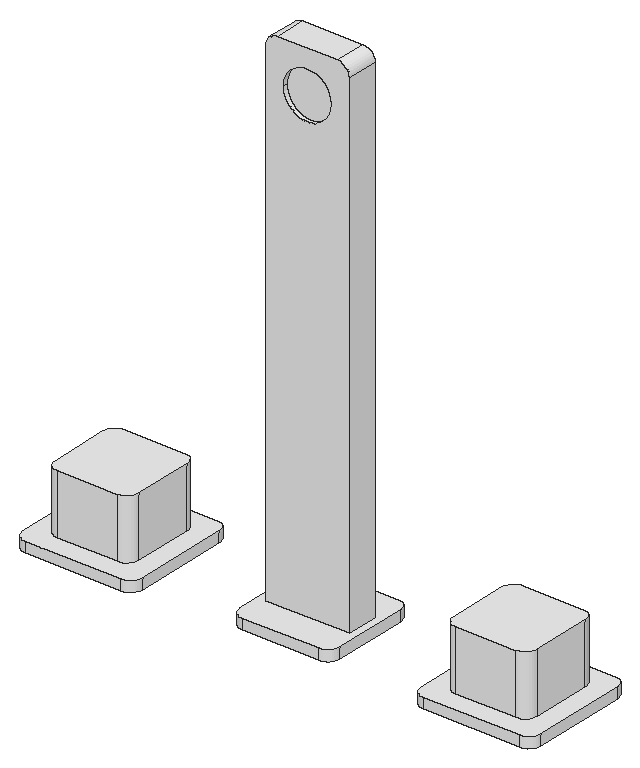
Revit family "6218-045A-EPIC BLOC 3 PC WALL BASIN-BATH 240MM SET", category Plumbing Fixtures, host Face, Revit 2015
Parameters (values of type "Chrome")
  Waste Connection = no
  WELSRating_ANZRS = "WELS 5 Star rated, 6L/min"  # constant formula
  Vent Connection = no
  URL = "https://www.dorf.com.au/"
  Type Comments = "EPIC BLOC 3 PC WALL BASIN/BATH 240MM SET"
  Model = "6218.045A"
  Material_Handle = GWA_Metal-Chrome
  Material_ANZRS = GWA_Metal-Chrome
  Manufacturer = "GWA Bathrooms & Kitchens"  # constant formula
  HW Connection = yes
  Default Elevation = 0 mm
  CreatedBy_ANZRS = "GWA Bathrooms & Kitchens"
  CW Connection = yes
  Assembly Code = "D2020300"
Types (7, lengths in mm): name | Model | Material_Handle | Material_ANZRS
  (no name) | "6218.045A" | GWA_Metal-Chrome | GWA_Metal-Chrome
  Chrome | "6218.045A" | GWA_Metal-Chrome | GWA_Metal-Chrome
  Black | "6218.905A" | GWA-Metal-Black | GWA-Metal-Black
  Chrome with Black Handle | "6218.495A" | GWA-Metal-Black | GWA_Metal-Chrome
  Black with Gold Handle | "6218.925A" | GWA-Metal-Gold | GWA-Metal-Black
  Black with Copper Handle | "6218.945A" | GWA-Metal-Copper | GWA-Metal-Black
  Black with RoseGold Handle | "6218.935A" | GWA-Metal-RoseGold | GWA-Metal-Black
Reference planes
  plane 1 "Center (Front/Back)": y = 0
  plane 2: z = 0
  plane 3 "Center (Left/Right)": x = 0
Forms (mm)
  Extrusion 1, solid, material "GWA_Metal-Chrome" <- "Material_ANZRS"
    sketch origin (205.886, -117.987, 0) x (1, 0, 0) y (0, 1, 0)
      loop
        arc (-329.886, 147.987) -> (-334.129, 146.23) -> (-335.886, 141.987) r 6
        line (-335.886, 141.987) -> (-335.886, 93.987)
        arc (-335.886, 93.987) -> (-334.129, 89.744) -> (-329.886, 87.987) r 6
        line (-329.886, 87.987) -> (-281.886, 87.987)
        arc (-281.886, 87.987) -> (-277.644, 89.744) -> (-275.886, 93.987) r 6
        line (-275.886, 93.987) -> (-275.886, 141.987)
        arc (-275.886, 141.987) -> (-277.644, 146.23) -> (-281.886, 147.987) r 6
        line (-281.886, 147.987) -> (-329.886, 147.987)
    from 0 to 5.2
  Extrusion 2, solid, material "GWA_Metal-Chrome" <- "Material_Handle"
    sketch origin (117.524, -115.842, 0) x (1, 0, 0) y (0, 1, 0)
      loop
        arc (-232.524, 136.842) -> (-236.766, 135.085) -> (-238.524, 130.842) r 6
        line (-238.524, 130.842) -> (-238.524, 100.842)
        arc (-238.524, 100.842) -> (-236.766, 96.6) -> (-232.524, 94.842) r 6
        line (-232.524, 94.842) -> (-202.524, 94.842)
        arc (-202.524, 94.842) -> (-198.281, 96.6) -> (-196.524, 100.842) r 6
        line (-196.524, 100.842) -> (-196.524, 130.842)
        arc (-196.524, 130.842) -> (-198.281, 135.085) -> (-202.524, 136.842) r 6
        line (-202.524, 136.842) -> (-232.524, 136.842)
    from 6.2 to 36.2
  Extrusion 3, solid, material "GWA_Metal-Chrome" <- "Material_ANZRS"
    sketch origin (48.123, -94.038, 0) x (1, 0, 0) y (0, 1, 0)
      loop
        arc (-67.123, 119.038) -> (-71.366, 117.281) -> (-73.123, 113.038) r 6
        line (-73.123, 113.038) -> (-73.123, 75.038)
        arc (-73.123, 75.038) -> (-71.366, 70.796) -> (-67.123, 69.038) r 6
        line (-67.123, 69.038) -> (-29.123, 69.038)
        arc (-29.123, 69.038) -> (-24.881, 70.796) -> (-23.123, 75.038) r 6
        line (-23.123, 75.038) -> (-23.123, 113.038)
        arc (-23.123, 113.038) -> (-24.881, 117.281) -> (-29.123, 119.038) r 6
        line (-29.123, 119.038) -> (-67.123, 119.038)
    from 0 to 5.2
  Extrusion 4, solid, material "GWA_Metal-Chrome" <- "Material_ANZRS"
    sketch origin (-2, 0, 60) x (1, 0, 0) y (0, 0, 1)
      loop
        line (-19, -54.8) -> (23, -54.8) -> (23, 195)
        arc (23, 195) -> (21.243, 199.243) -> (17, 201) r 6
        line (17, 201) -> (-13, 201)
        arc (-13, 201) -> (-17.243, 199.243) -> (-19, 195) r 6
        line (-19, 195) -> (-19, -54.8)
    from -8 to 8
  Extrusion 5, solid, material "GWA_Metal-Chrome" <- "Material_ANZRS"
    sketch origin (405.886, -117.987, 0) x (1, 0, 0) y (0, 1, 0)
      loop
        arc (-329.886, 147.987) -> (-334.129, 146.23) -> (-335.886, 141.987) r 6
        line (-335.886, 141.987) -> (-335.886, 93.987)
        arc (-335.886, 93.987) -> (-334.129, 89.744) -> (-329.886, 87.987) r 6
        line (-329.886, 87.987) -> (-281.886, 87.987)
        arc (-281.886, 87.987) -> (-277.644, 89.744) -> (-275.886, 93.987) r 6
        line (-275.886, 93.987) -> (-275.886, 141.987)
        arc (-275.886, 141.987) -> (-277.644, 146.23) -> (-281.886, 147.987) r 6
        line (-281.886, 147.987) -> (-329.886, 147.987)
    from 0 to 5.2
  Extrusion 6, solid, material "GWA_Metal-Chrome" <- "Material_Handle"
    sketch origin (317.524, -115.842, 0) x (1, 0, 0) y (0, 1, 0)
      loop
        arc (-232.524, 136.842) -> (-236.766, 135.085) -> (-238.524, 130.842) r 6
        line (-238.524, 130.842) -> (-238.524, 100.842)
        arc (-238.524, 100.842) -> (-236.766, 96.6) -> (-232.524, 94.842) r 6
        line (-232.524, 94.842) -> (-202.524, 94.842)
        arc (-202.524, 94.842) -> (-198.281, 96.6) -> (-196.524, 100.842) r 6
        line (-196.524, 100.842) -> (-196.524, 130.842)
        arc (-196.524, 130.842) -> (-198.281, 135.085) -> (-202.524, 136.842) r 6
        line (-202.524, 136.842) -> (-232.524, 136.842)
    from 6.2 to 36.2
  Extrusion 7, void
    sketch origin (0, 0, 60) x (1, 0, 0) y (0, 0, 1)
      loop
        circle (0, 180) r 12
    from 10 to 6
Cuts and joins
  Extrusion 7 cuts Extrusion 4
Lines and regions (mm)
  symbolic lines
    curve 1: line (-124, 30, 0) -> (-76, 30, 0)
    curve 2: arc (-76, 30, 0) -> (-71.757, 28.243, 0) -> (-70, 24, 0) r 6
    curve 3: line (-70, 24, 0) -> (-70, -24, 0)
    curve 4: arc (-70, -24, 0) -> (-71.757, -28.243, 0) -> (-76, -30, 0) r 6
    curve 5: line (-76, -30, 0) -> (-124, -30, 0)
    curve 6: arc (-124, -30, 0) -> (-128.243, -28.243, 0) -> (-130, -24, 0) r 6
    curve 7: line (-130, -24, 0) -> (-130, 24, 0)
    curve 8: arc (-130, 24, 0) -> (-128.243, 28.243, 0) -> (-124, 30, 0) r 6
    curve 9: line (-115, 21, 0) -> (-85, 21, 0)
    curve 10: arc (-85, 21, 0) -> (-80.757, 19.243, 0) -> (-79, 15, 0) r 6
    curve 11: line (-79, 15, 0) -> (-79, -15, 0)
    curve 12: arc (-79, -15, 0) -> (-80.757, -19.243, 0) -> (-85, -21, 0) r 6
    curve 13: line (-85, -21, 0) -> (-115, -21, 0)
    curve 14: arc (-115, -21, 0) -> (-119.243, -19.243, 0) -> (-121, -15, 0) r 6
    curve 15: line (-121, -15, 0) -> (-121, 15, 0)
    curve 16: arc (-121, 15, 0) -> (-119.243, 19.243, 0) -> (-115, 21, 0) r 6
    curve 17: line (76, 30, 0) -> (124, 30, 0)
    curve 18: arc (124, 30, 0) -> (128.243, 28.243, 0) -> (130, 24, 0) r 6
    curve 19: line (130, 24, 0) -> (130, -24, 0)
    curve 20: arc (130, -24, 0) -> (128.243, -28.243, 0) -> (124, -30, 0) r 6
    curve 21: line (124, -30, 0) -> (76, -30, 0)
    curve 22: arc (76, -30, 0) -> (71.757, -28.243, 0) -> (70, -24, 0) r 6
    curve 23: line (70, -24, 0) -> (70, 24, 0)
    curve 24: arc (70, 24, 0) -> (71.757, 28.243, 0) -> (76, 30, 0) r 6
    curve 25: line (85, 21, 0) -> (115, 21, 0)
    curve 26: arc (115, 21, 0) -> (119.243, 19.243, 0) -> (121, 15, 0) r 6
    curve 27: line (121, 15, 0) -> (121, -15, 0)
    curve 28: arc (121, -15, 0) -> (119.243, -19.243, 0) -> (115, -21, 0) r 6
    curve 29: line (115, -21, 0) -> (85, -21, 0)
    curve 30: arc (85, -21, 0) -> (80.757, -19.243, 0) -> (79, -15, 0) r 6
    curve 31: line (79, -15, 0) -> (79, 15, 0)
    curve 32: arc (79, 15, 0) -> (80.757, 19.243, 0) -> (85, 21, 0) r 6
    curve 33: line (-19, 25, 0) -> (19, 25, 0)
    curve 34: arc (19, 25, 0) -> (23.243, 23.243, 0) -> (25, 19, 0) r 6
    curve 35: line (25, 19, 0) -> (25, -19, 0)
    curve 36: arc (25, -19, 0) -> (23.243, -23.243, 0) -> (19, -25, 0) r 6
    curve 37: line (19, -25, 0) -> (-19, -25, 0)
    curve 38: arc (-19, -25, 0) -> (-23.243, -23.243, 0) -> (-25, -19, 0) r 6
    curve 39: line (-25, -19, 0) -> (-25, 19, 0)
    curve 40: arc (-25, 19, 0) -> (-23.243, 23.243, 0) -> (-19, 25, 0) r 6
    curve 41: line (-21, 8, 0) -> (21, 8, 0)
    curve 42: line (21, 8, 0) -> (21, -8, 0)
    curve 43: line (21, -8, 0) -> (-21, -8, 0)
    curve 44: line (-21, -8, 0) -> (-21, 8, 0)
    curve 45: line (0, 30, 5.2) -> (0, -30, 5.2)
    curve 46: line (0, -30, 5.2) -> (0, -30, 0)
    curve 47: line (0, -30, 0) -> (0, 30, 0)
    curve 48: line (0, 30, 0) -> (0, 30, 5.2)
    curve 49: line (0, 21, 36.2) -> (0, -21, 36.2)
    curve 50: line (0, -21, 36.2) -> (0, -21, 6.2)
    curve 51: line (0, -21, 6.2) -> (0, 21, 6.2)
    curve 52: line (0, 21, 6.2) -> (0, 21, 36.2)
    curve 53: line (0, 8, 36.2) -> (0, 8, 261)
    curve 54: line (0, 8, 261) -> (0, -8, 261)
    curve 55: line (0, -8, 261) -> (0, -8, 36.2)
    curve 56: line (25, 0, 0) -> (25, 0, 5.2)
    curve 57: line (25, 0, 5.2) -> (-25, 0, 5.2)
    curve 58: line (-25, 0, 5.2) -> (-25, 0, 0)
    curve 59: line (-25, 0, 0) -> (25, 0, 0)
    curve 60: line (21, 0, 5.2) -> (21, 0, 255)
    curve 61: arc (21, 0, 255) -> (19.243, 0, 259.243) -> (15, 0, 261) r 6
    curve 62: line (15, 0, 261) -> (-15, 0, 261)
    curve 63: arc (-15, 0, 261) -> (-19.243, 0, 259.243) -> (-21, 0, 255) r 6
    curve 64: line (-21, 0, 255) -> (-21, 0, 5.2)
    curve 65: line (130, 0, 5.2) -> (70, 0, 5.2)
    curve 66: line (70, 0, 5.2) -> (70, 0, 0)
    curve 67: line (70, 0, 0) -> (130, 0, 0)
    curve 68: line (130, 0, 0) -> (130, 0, 5.2)
    curve 69: line (121, 0, 36.2) -> (79, 0, 36.2)
    curve 70: line (79, 0, 36.2) -> (79, 0, 6.2)
    curve 71: line (79, 0, 6.2) -> (121, 0, 6.2)
    curve 72: line (121, 0, 6.2) -> (121, 0, 36.2)
    curve 73: line (-79, 0, 36.2) -> (-121, 0, 36.2)
    curve 74: line (-121, 0, 36.2) -> (-121, 0, 6.2)
    curve 75: line (-121, 0, 6.2) -> (-79, 0, 6.2)
    curve 76: line (-79, 0, 6.2) -> (-79, 0, 36.2)
    curve 77: line (-70, 0, 5.2) -> (-130, 0, 5.2)
    curve 78: line (-130, 0, 5.2) -> (-130, 0, 0)
    curve 79: line (-130, 0, 0) -> (-70, 0, 0)
    curve 80: line (-70, 0, 0) -> (-70, 0, 5.2)
Dimensions and locks
  aligned and locked: plane 2 to host face
  aligned and locked: level to host face
Connectors
  piping at (-100, 0, 0), diameter 20
    settings: on Extrusion 1, index 1, connector inside diameter 609.6 mm, connector length 0 mm, flow factor 0, pipe flow 0.0 L/s, pressure drop 0.0 Pa, fitting loss kfactor 0, connector angle 0.00°, fixture units 0, engagement length 0 mm, angle of deflection 0.00°, flow configuration 0, flow direction 1, fitting loss method 0, system type 19, joint type 0, gender type 0, connector reference index -1, connector utility 0, adjustable connector no, is connector primary yes, connector description ""
  piping at (100, 0, 0), diameter 20
    settings: on Extrusion 5, index 2, connector inside diameter 609.6 mm, connector length 0 mm, flow factor 0, pipe flow 0.0 L/s, pressure drop 0.0 Pa, fitting loss kfactor 0, connector angle 0.00°, fixture units 0, engagement length 0 mm, angle of deflection 0.00°, flow configuration 0, flow direction 1, fitting loss method 0, system type 20, joint type 0, gender type 0, connector reference index -1, connector utility 0, adjustable connector no, is connector primary no, connector description ""
